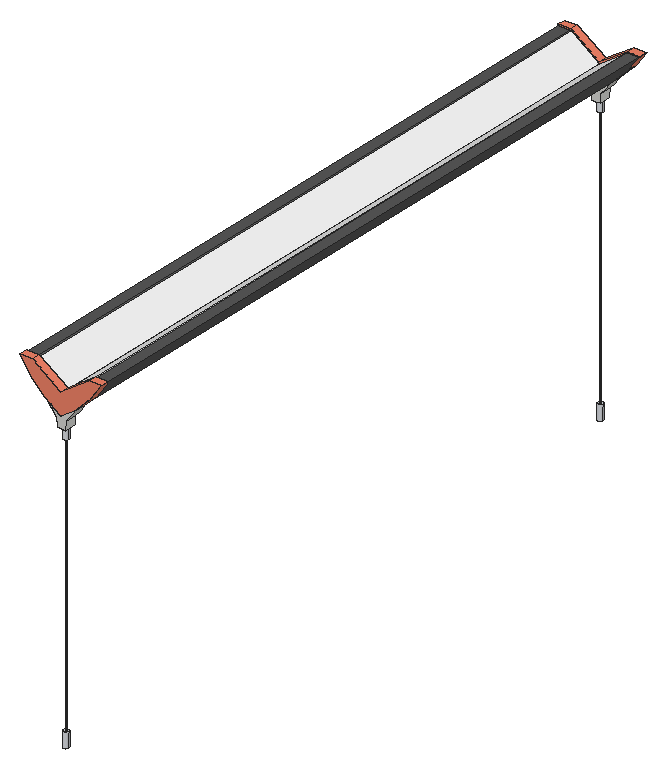
Revit family "TORR.5-P-D", category Lighting Fixtures, host Face, Revit 2018
Family settings
  Host = Face
  Round Connector Dimension = Use Diameter
  Part Type = Normal
  Cut with Voids When Loaded = No
  Light Source = Yes
  Shared = Yes
  Room Calculation Point = Yes
Parameters (values of type "4' Direct")
  Wattage = 18.8235 W
  built-in parameter 1150110 = 1 (stored number, unit not read)
  Voltage = 0 V
  Type Comments = "LUX ILLUMINAIRE"
  built-in parameter 1114217 = 1 (stored number, unit not read)
  Tilt Angle = 90.00°
  built-in parameter 1150109 = 1 (stored number, unit not read)
  built-in parameter 1150134 = 12
  Switch Leg Visibility = no
  Switch Leg [instance] = ""
  Suspension Length [instance] = 2' - 0"
  built-in parameter 1150113 = 1 (stored number, unit not read)
  Photometric Web File = "TORR.5_P_D_400_40K8.ies"
  Material - End Cap [instance] = LUX ILLUMINAIRE Orange
  Material - Cleat [instance] = LUX ILLUMINAIRE Silver
  Material - Body [instance] = LUX ILLUMINAIRE Black
  Manufacturer = ""
  built-in parameter 1150105 = 127.32 (stored number, unit not read)
  Lumens = 1600 lm
  built-in parameter 1150115 = 1 (stored number, unit not read)
  built-in parameter 1150137 = (empty or 0)
  built-in parameter 1150139 = (empty or 0)
  built-in parameter 1150112 = 1 (stored number, unit not read)
  built-in parameter 1150114 = 1 (stored number, unit not read)
  Lamp = "LED"
  built-in parameter 1150132 = 2
  built-in parameter 1150102 = (empty or 0)
  built-in parameter 1150107 = 4000 (stored number, unit not read)
  built-in parameter 1150138 = (empty or 0)
  built-in parameter 1150106 = 1.2732 (stored number, unit not read)
  Fixture Width = 0' - 5 143/256"  # constant formula
  Fixture Symbol Visiblity = yes
  Fixture Length = 4' - 0"
  Emit from Rectangle Width = 0' - 2 1/2"  # constant formula
  Emit from Rectangle Length = Fixture Length  # 4' - 0"
  Emit Shape Visible in Rendering = no
  Emergency Lighting [instance] = no
  built-in parameter 1150104 = 7.8968 (stored number, unit not read)
  Dimming Lamp Color Temperature Shift = <None>
  Default Elevation = 4' - 0"
  Color Filter = 16777215
  built-in parameter 1140040 [instance] = 1
  built-in parameter 1114218 = 1 (stored number, unit not read)
  built-in parameter 1150133 = 10 (stored number, unit not read)
  Apparent Load = 14 VA
Types (3): name | Wattage | Type Comments | Manufacturer | built-in parameter 1150105 | Lumens | built-in parameter 1150106 | Fixture Length | Emit from Rectangle Length | Apparent Load
  4' Direct | 18.8235 W | "LUX ILLUMINAIRE" | "" | 127.32 (stored number, unit not read) | 1600 lm | 1.2732 (stored number, unit not read) | 4' - 0" | 4' - 0" | 14 VA
  6' Direct | 28.2353 W | 0' - 0" | "LUX ILLUMINAIRE" | 190.99 (stored number, unit not read) | 2400 lm | 1.9099 (stored number, unit not read) | 6' - 0" | 6' - 0" | 21 VA
  8' Direct | 37.6471 W | 0' - 0" | "LUX ILLUMINAIRE" | 254.65 (stored number, unit not read) | 3200 lm | 2.5465 (stored number, unit not read) | 8' - 0" | 8' - 0" | 28 VA
Reference planes (in)
  plane 1 "Center (Front/Back)": y = 0
  plane 2: z = 0
  plane 3 "Center (Left/Right)": x = 0
  plane 4: x = 2.7793
  plane 5: x = -2.7793
  plane 6: y = 24
  plane 7: y = -24
  plane 8: z = 24
  plane 9: y = 24.25
  plane 10: y = -24.25
  plane 11: z = 1
  plane 12: z = 20.30782
  plane 13: z = 19.55782
Forms (in)
  Extrusion 1, solid
    sketch origin (0, 0.375, 0) x (1, 0, 0) y (0, 1, 0)
      loop
        circle (0.00029, -24) r 0.1875
    from 0 to 1
  Extrusion 2, solid
    sketch origin (0, 0.375, 0) x (1, 0, 0) y (0, 1, 0)
      loop
        circle (0.0005, -24) r 0.03125
    from 1 to 19.55782
  Extrusion 3, solid
    sketch origin (0, 0.375, 0) x (1, 0, 0) y (0, 1, 0)
      loop
        circle (0.0005, -24) r 0.18729
    from 19.55782 to 20.30782
  Extrusion 4, solid, not visible
    sketch origin (0, 0, 0) x (1, 0, 0) y (0, 1, 0)
      loop
        circle (0.00029, -24) r 0.1875
    from 0 to 1
  Extrusion 5, solid, not visible
    sketch origin (0, 0, 0) x (1, 0, 0) y (0, 1, 0)
      loop
        circle (0.0005, -24) r 0.03125
    from 1 to 13.33203
  Extrusion 6, solid, not visible
    sketch origin (0, 0, 0) x (1, 0, 0) y (0, 1, 0)
      loop
        circle (0.0005, -24) r 0.18729
    from 13.33203 to 14.08203
  Extrusion 7, solid
    sketch origin (0, -0.375, 0) x (1, 0, 0) y (0, 1, 0)
      loop
        circle (0.00029, 24) r 0.1875
    from 0 to 1
  Extrusion 8, solid
    sketch origin (0, -0.375, 0) x (1, 0, 0) y (0, 1, 0)
      loop
        circle (0.0005, 24) r 0.03125
    from 1 to 19.55782
  Extrusion 9, solid
    sketch origin (0, -0.375, 0) x (1, 0, 0) y (0, 1, 0)
      loop
        circle (0.0005, 24) r 0.18729
    from 19.55782 to 20.30782
Lines and regions (in)
  symbolic lines, visible <- "Fixture Symbol Visiblity"
    curve 1: line (-2.7793, 24, 0) -> (2.7793, 24, 0)
    curve 2: line (-2.7793, -24, 0) -> (-2.7793, 24, 0)
    curve 3: line (2.7793, -24, 0) -> (-2.7793, -24, 0)
    curve 4: line (2.7793, 24, 0) -> (2.7793, -24, 0)
Dimensions and locks (in)
  plane 5 to plane 4 = 0' - 5 143/256"
  equal spacing: plane 7, plane 1 "Center (Front/Back)", plane 6
  "Fixture Length": plane 7 to plane 6
  plane 8 to host face = 2' - 0"
  locked: plane 6 to plane 9 at 0.25
  locked: plane 10 to plane 7 at 0.25
  "Suspension Length": plane 8 to level
  "Fixture Width": plane 4 to plane 5
  equal spacing: plane 4, plane 3 "Center (Left/Right)", plane 5
  locked: nested 2 to plane 10 at 9.5
  plane 8 to imposter light = 0' - 0 1/8"
  plane 8 to plane 12 to plane 13 = 0' - 3.69218", 0' - 0 3/4" locked
  plane 6 to plane 1 "Center (Front/Back)" to plane 7 = 2' - 0", 2' - 0"
  plane 6 to plane 7 = 4' - 0"
  nested 1 to curve 1 = 4' - 0"
  aligned and locked: plane 2 to host face
  aligned and locked: level to host face
  aligned and locked: plane 12 to Extrusion 9
  aligned and locked: Extrusion 9 to plane 13
  aligned and locked: plane 13 to Extrusion 8
  aligned and locked: plane 12 to Extrusion 3
  aligned and locked: Extrusion 3 to plane 13
  aligned and locked: plane 13 to Extrusion 2
  aligned and locked: plane 7 to nested 1
  aligned and locked: plane 6 to curve 1
  aligned and locked: plane 5 to curve 2
  aligned and locked: curve 3 to plane 7
  aligned and locked: curve 4 to plane 4
  aligned and locked: nested 1 to plane 6
  aligned and locked: plane 12 to nested 3
Automatic sketch dimensions
  host sketch curve to host sketch curve = 8' - 0"  (x2)
  Extrusion 1 sketch curve to plane 7 = 0' - 0 3/8"
  plane 3 "Center (Left/Right)" to Extrusion 1 sketch curve = 0' - 0.00029"
  Extrusion 2 sketch curve to plane 7 = 0' - 0 3/8"
  plane 3 "Center (Left/Right)" to Extrusion 2 sketch curve = 0' - 0.0005"
  Extrusion 3 sketch curve to plane 7 = 0' - 0 3/8"
  plane 3 "Center (Left/Right)" to Extrusion 3 sketch curve = 0' - 0.0005"
  plane 6 to Extrusion 7 sketch curve = 0' - 0 3/8"
  plane 3 "Center (Left/Right)" to Extrusion 7 sketch curve = 0' - 0.00029"
  plane 6 to Extrusion 8 sketch curve = 0' - 0 3/8"
  plane 3 "Center (Left/Right)" to Extrusion 8 sketch curve = 0' - 0.0005"
  plane 6 to Extrusion 9 sketch curve = 0' - 0 3/8"
  plane 3 "Center (Left/Right)" to Extrusion 9 sketch curve = 0' - 0.0005"
  radius of Extrusion 1 sketch curve = 0' - 0 3/16"
  radius of Extrusion 2 sketch curve = 0' - 0 1/32"
  radius of Extrusion 3 sketch curve = 0' - 0.18729"
  radius of Extrusion 4 sketch curve = 0' - 0 3/16"
  radius of Extrusion 5 sketch curve = 0' - 0 1/32"
  radius of Extrusion 6 sketch curve = 0' - 0.18729"
  radius of Extrusion 7 sketch curve = 0' - 0 3/16"
  radius of Extrusion 8 sketch curve = 0' - 0 1/32"
  radius of Extrusion 9 sketch curve = 0' - 0.18729"
Nested families (in)
  nested 1: "Emergency Symbol Rectangle" at (-12.44426, 0, 0) x (0, 1, 0) z (0, 0, 1), visible <- "Emergency Lighting", type "Emergency Symbol Rectangle"
    with Width 1' - 2.94711", Length 4' - 0"
  nested 2: "Switch Leg Annotation" at (9.99627, -14.75, 0) x (0, 1, 0) z (0, 0, 1), visible <- "Switch Leg Visibility", Switch Leg Annotation <- "Switch Leg", type "Switch Leg Annotation"
    with Switch Leg Annotation ""
  nested 3: "4INDV" at (0, 0, 20.30782), Material - Body <- "Material - Body", Material - Cleat <- "Material - Cleat", Material - End Cap <- "Material - End Cap", type "4INDV"
    with Material - End Cap LUX ILLUMINAIRE Orange, Material - Cleat LUX ILLUMINAIRE Silver, Material - Body LUX ILLUMINAIRE Black
Connectors (in)
  electrical at (0.00029, 23.625, 0), driven by "Apparent Load", driven by "Voltage"
    settings: on Extrusion 7, index 1, voltage 0 V, apparent load 0 VA, apparent load phase1 14 VA, apparent load phase2 0 VA, apparent load phase3 0 VA, power factor 1, load classification "Other", number of poles 1, system type 31, power factor state 1, is connector primary yes, connector utility no, sub classification motor no, connector description ""
Definition of nested family "4INDV"
  Parameters (values of type "4INDV")
    Material - End Cap [instance] = none
    Material - Cleat [instance] = none
    Material - Body [instance] = none
    Fixture Length = 4' - 0"
  Reference planes (in)
    plane 1 "Center (Front/Back)": y = 0
    plane 2: z = 0
    plane 3 "Center (Left/Right)": x = 0
    plane 4: y = 24
    plane 5: y = -24
    plane 6: y = 24.0625
    plane 7: y = 23.5
    plane 8: y = 23.25
    plane 9: y = -24.0625
    plane 10: y = -23.5
    plane 11: y = -23.25
  Forms (in)
    Extrusion 1, solid, material <- "Material - Body"
      sketch origin (0, 0, 3.69218) x (1, 0, 0) y (0, 0, -1)
        loop
          line (0, 1.48425) -> (2.0429, 0) -> (2.86012, 0)
          arc (2.86012, 0) -> (1.60326, 1.60326) -> (0, 2.86012) r 8.47154
          arc (0, 2.86012) -> (-1.60326, 1.60326) -> (-2.86012, 0) r 8.47154
          line (-2.86012, 0) -> (-2.0429, 0) -> (0, 1.48425)
      from -24 to 24
    Extrusion 2, solid, material <- "Material - Cleat"
      sketch origin (0, 0, 3.69218) x (1, 0, 0) y (0, 0, -1)
        loop
          line (0, 2.86012) -> (1.03453, 2.12987)
          arc (1.03453, 2.12987) -> (0.72969, 2.63295) -> (0.33544, 3.06953) r 3.1056
          line (0.33544, 3.06953) -> (0.3137, 3.69218) -> (0, 3.69218) -> (-0.3137, 3.69218) -> (-0.33544, 3.06953)
          arc (-0.33544, 3.06953) -> (-0.72969, 2.63295) -> (-1.03453, 2.12987) r 3.1056
          line (-1.03453, 2.12987) -> (0, 2.86012)
      from -24 to -23.25
    Extrusion 3, solid, material <- "Material - Cleat"
      sketch origin (0, 0, 3.69218) x (1, 0, 0) y (0, 0, -1)
        loop
          arc (-0.33544, 3.06953) -> (-0.72969, 2.63295) -> (-1.03453, 2.12987) r 3.1056
          line (-1.03453, 2.12987) -> (0, 2.86012) -> (1.03453, 2.12987)
          arc (1.03453, 2.12987) -> (0.72969, 2.63295) -> (0.33544, 3.06953) r 3.1056
          line (0.33544, 3.06953) -> (0.3137, 3.69218) -> (0, 3.69218) -> (-0.3137, 3.69218) -> (-0.33544, 3.06953)
      from 23.25 to 24
    Extrusion 4, solid, material <- "Material - End Cap"
      sketch origin (0, 0, 3.69218) x (1, 0, 0) y (0, 0, -1)
        loop
          line (2.02282, -0.0625) -> (2.90699, -0.0625)
          arc (2.90699, -0.0625) -> (1.64661, 1.58411) -> (0, 2.84449) r 7.87218
          arc (0, 2.84449) -> (-1.64661, 1.58411) -> (-2.90699, -0.0625) r 7.87218
          line (-2.90699, -0.0625) -> (-2.02282, -0.0625)
          arc (-2.02282, -0.0625) -> (-1.04666, 0.67197) -> (0, 1.30191) r 11.83569
          arc (0, 1.30191) -> (1.04666, 0.67197) -> (2.02282, -0.0625) r 11.83569
      from -24.0625 to -23.5
    Extrusion 5, solid, material <- "Material - End Cap"
      sketch origin (0, 0, 3.69218) x (1, 0, 0) y (0, 0, 1)
        loop
          arc (2.02282, 0.0625) -> (1.04666, -0.67197) -> (0, -1.30191) r 11.83569
          arc (0, -1.30191) -> (-1.04666, -0.67197) -> (-2.02282, 0.0625) r 11.83569
          line (-2.02282, 0.0625) -> (-2.90699, 0.0625)
          arc (-2.90699, 0.0625) -> (-1.64661, -1.58411) -> (0, -2.84449) r 7.87218
          arc (0, -2.84449) -> (1.64661, -1.58411) -> (2.90699, 0.0625) r 7.87218
          line (2.90699, 0.0625) -> (2.02282, 0.0625)
      from -24.0625 to -23.5
    Extrusion 6, solid
      sketch origin (0, 0, 0) x (1, 0, 0) y (0, 0, 1)
        loop
          line (-1.94739, 3.64129) -> (0, 2.26217) -> (1.94739, 3.64129) -> (1.94739, 3.67238) -> (0, 2.29326) -> (-1.94739, 3.67238) -> (-1.94739, 3.64129)
      from -23.5 to 23.5
  Dimensions and locks (in)
    equal spacing: plane 4, plane 1 "Center (Front/Back)", plane 5
    "Fixture Length": plane 4 to plane 5
    plane 6 to plane 4 to plane 7 = 0' - 0 1/16" locked, 0' - 0 1/2" locked
    locked: plane 4 to plane 8 at 0.75
    plane 10 to plane 5 to plane 9 = 0' - 0 1/2" locked, 0' - 0 1/16" locked
    locked: plane 11 to plane 5 at 0.75
    aligned and locked: level to plane 2
    aligned and locked: Extrusion 1 to plane 5
    aligned and locked: plane 4 to Extrusion 1
    aligned and locked: plane 6 to Extrusion 5
    aligned and locked: plane 7 to Extrusion 5
    aligned and locked: plane 4 to Extrusion 3
    aligned and locked: plane 8 to Extrusion 3
    aligned and locked: plane 9 to Extrusion 4
    aligned and locked: plane 10 to Extrusion 4
    aligned and locked: plane 11 to Extrusion 2
    aligned and locked: Extrusion 2 to plane 5
    aligned and locked: plane 7 to Extrusion 6
    aligned and locked: Extrusion 6 to plane 10
  Automatic sketch dimensions
    Extrusion 3 sketch curve to level = 0' - 0"
    Extrusion 3 sketch curve to plane 3 "Center (Left/Right)" = 0' - 0"  (x2)
    Extrusion 3 sketch curve to plane 3 "Center (Left/Right)" = 0' - 0.3137"
    Extrusion 3 sketch curve to plane 3 "Center (Left/Right)" = 0' - 0.33544"
    Extrusion 3 sketch curve to Extrusion 3 sketch curve = 0' - 0.3137"
    plane 3 "Center (Left/Right)" to Extrusion 3 sketch curve = 0' - 0.33544"
    level to Extrusion 3 sketch curve = 0' - 0.62265"
    Extrusion 4 sketch curve to plane 3 "Center (Left/Right)" = 0' - 0"  (x2)
    Extrusion 4 sketch curve to plane 3 "Center (Left/Right)" = 0' - 2.02282"
    Extrusion 4 sketch curve to Extrusion 4 sketch curve = 0' - 0.88417"  (x2)
    Extrusion 4 sketch curve to plane 3 "Center (Left/Right)" = 0' - 3.91986"
    Extrusion 4 sketch curve to Extrusion 4 sketch curve = 0' - 1.65191"  (x2)
    plane 3 "Center (Left/Right)" to Extrusion 4 sketch curve = 0' - 3.91986"
    level to Extrusion 4 sketch curve = 1' - 0.83243"
    Extrusion 4 sketch curve to Extrusion 4 sketch curve = 0' - 0"
    Extrusion 4 sketch curve to Extrusion 4 sketch curve = 0' - 5.1579"
    level to Extrusion 4 sketch curve = 0' - 3.75468"
    plane 3 "Center (Left/Right)" to Extrusion 4 sketch curve = 0' - 2.02282"
    Extrusion 5 sketch curve to plane 3 "Center (Left/Right)" = 0' - 0"  (x2)
    Extrusion 5 sketch curve to plane 3 "Center (Left/Right)" = 0' - 2.02282"
    Extrusion 5 sketch curve to Extrusion 5 sketch curve = 0' - 0.88417"  (x2)
    Extrusion 5 sketch curve to plane 3 "Center (Left/Right)" = 0' - 3.91986"
    Extrusion 5 sketch curve to Extrusion 5 sketch curve = 0' - 1.65191"  (x2)
    plane 3 "Center (Left/Right)" to Extrusion 5 sketch curve = 0' - 2.02282"
    plane 3 "Center (Left/Right)" to Extrusion 5 sketch curve = 0' - 3.91986"
    level to Extrusion 5 sketch curve = 0' - 3.75468"  (x2)
    Extrusion 5 sketch curve to Extrusion 5 sketch curve = 0' - 3.91986"
    Extrusion 5 sketch curve to Extrusion 5 sketch curve = 0' - 5.1579"
    Extrusion 1 sketch curve to plane 3 "Center (Left/Right)" = 0' - 0"  (x2)
    Extrusion 1 sketch curve to plane 3 "Center (Left/Right)" = 0' - 2.0429"
    Extrusion 1 sketch curve to Extrusion 1 sketch curve = 0' - 0.81722"  (x2)
    Extrusion 1 sketch curve to plane 3 "Center (Left/Right)" = 0' - 4.38702"
    plane 3 "Center (Left/Right)" to Extrusion 1 sketch curve = 0' - 2.0429"
    plane 3 "Center (Left/Right)" to Extrusion 1 sketch curve = 0' - 4.38702"
    level to Extrusion 1 sketch curve = 0' - 8.0792"  (x2)
    Extrusion 1 sketch curve to Extrusion 1 sketch curve = 0' - 1.37587"
    level to Extrusion 1 sketch curve = 0' - 3.69218"
    Extrusion 6 sketch curve to plane 3 "Center (Left/Right)" = 0' - 0"  (x2)
    Extrusion 6 sketch curve to plane 3 "Center (Left/Right)" = 0' - 1.94739"
    plane 3 "Center (Left/Right)" to Extrusion 6 sketch curve = 0' - 1.94739"
    level to Extrusion 6 sketch curve = 0' - 2.26217"
    Extrusion 6 sketch curve to Extrusion 6 sketch curve = 0' - 0.03109"  (x3)
    Extrusion 6 sketch curve to Extrusion 6 sketch curve = 0' - 1.34803"
    Extrusion 6 sketch curve to Extrusion 6 sketch curve = 0' - 1.37912"
    Extrusion 2 sketch curve to level = 0' - 0"
    Extrusion 2 sketch curve to plane 3 "Center (Left/Right)" = 0' - 0"  (x2)
    Extrusion 2 sketch curve to plane 3 "Center (Left/Right)" = 0' - 0.3137"
    Extrusion 2 sketch curve to plane 3 "Center (Left/Right)" = 0' - 0.33544"
    Extrusion 2 sketch curve to plane 3 "Center (Left/Right)" = 0' - 1.03453"
    Extrusion 2 sketch curve to Extrusion 2 sketch curve = 0' - 0.72744"  (x2)
    Extrusion 2 sketch curve to Extrusion 2 sketch curve = 0' - 0.3137"
    plane 3 "Center (Left/Right)" to Extrusion 2 sketch curve = 0' - 1.03453"
    level to Extrusion 2 sketch curve = 0' - 0.62265"
    Extrusion 2 sketch curve to Extrusion 2 sketch curve = 0' - 0.20941"
    Extrusion 2 sketch curve to Extrusion 2 sketch curve = 0' - 0.93966"  (x2)
    plane 3 "Center (Left/Right)" to Extrusion 2 sketch curve = 0' - 0.33544"
    Extrusion 2 sketch curve to Extrusion 2 sketch curve = 0' - 1.35067"
    Extrusion 3 sketch curve to plane 3 "Center (Left/Right)" = 0' - 1.03453"
    Extrusion 3 sketch curve to Extrusion 3 sketch curve = 0' - 0.93966"
    Extrusion 3 sketch curve to Extrusion 3 sketch curve = 0' - 0.72744"  (x2)
    Extrusion 3 sketch curve to Extrusion 3 sketch curve = 0' - 1.35067"
    Extrusion 3 sketch curve to Extrusion 3 sketch curve = 0' - 0.20941"
    plane 3 "Center (Left/Right)" to Extrusion 3 sketch curve = 0' - 1.03453"
    Extrusion 3 sketch curve to Extrusion 3 sketch curve = 0' - 0.73025"
Definition of nested family "Emergency Symbol Rectangle"
  Parameters (values of type "Emergency Symbol Rectangle")
    Width [instance] = 0' - 8 1/2"
    Length [instance] = 5' - 0"
    Emergency Visibility = no
  Reference planes (in)
    plane 1 "Center (Front/Back)": y = -7.75
    plane 2: z = 0
    plane 3 "Center (Left/Right)": x = -24
    plane 4: x = 24
    plane 5: x = -36
    plane 6: y = -3.5
    plane 7: y = -12
  Lines and regions (in)
    Filled region 1, type "Solid Fill - Black", in view "Ref. Level", detail levels coarse+medium
      outline origin (0, 0.25, 0) x (1, 0, 0) y (0, 1, 0)
        loop
          line (-36, -12.25) -> (24, -12.25) -> (-36, -10.125) -> (-36, -12.25)
  Dimensions and locks (in)
    equal spacing: plane 7, plane 1 "Center (Front/Back)", plane 6
    "Width": plane 7 to plane 6
    "Length": plane 5 to plane 4
    aligned and locked: plane 5 to Filled region 1
  Automatic sketch dimensions
    plane 1 "Center (Front/Back)" to Filled region 1 sketch curve = 0' - 2 1/8"
    Filled region 1 sketch curve to plane 3 "Center (Left/Right)" = 1' - 0"
    Filled region 1 sketch curve to plane 4 = 0' - 0"
    Filled region 1 sketch curve to plane 7 = 0' - 0"
Definition of nested family "Switch Leg Annotation"
  Parameters (values of type "Switch Leg Annotation")
    Switch Leg Annotation [instance] = ""
  Reference planes (in)
    plane 1: y = 0
    plane 2: x = 0
  Text (in)
    label "a" at (0.00527, 0.01239, 0), shows "Switch Leg Annotation"
